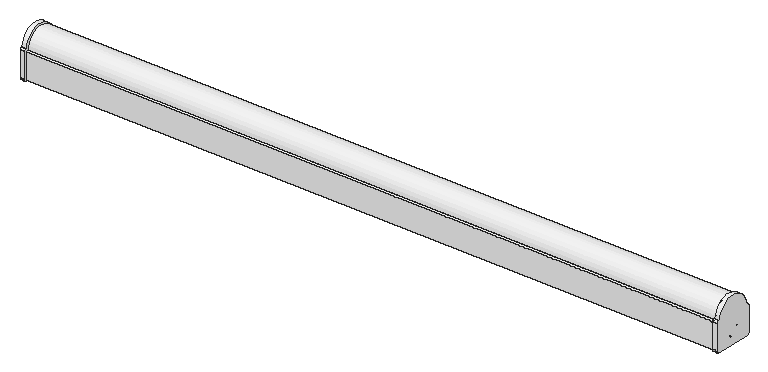
Revit family "0045178 Feilo Sylvania Lighting Fixture SYLBATTEN LED3 WW TP3", category Lighting Fixtures, host Face, Revit 2017
Family settings
  Host = Face
  Round Connector Dimension = Use Diameter
  Part Type = Normal
  OmniClass Number = 23.80.70.00
  OmniClass Title = Lighting
  Cut with Voids When Loaded = No
  Light Source = Yes
  Shared = No
  Room Calculation Point = No
Parameters (values of type "0045178 SYLBATTEN LED3 WW TP3")
  Width_FEILO = 66 mm
  Weight = "2.57 kg"
  Wattage Comments = "n/a"
  Wattage = 26 W
  WarrantyStartDate [instance] = "n/a"
  WarrantyGuarantorParts = "n/a"
  WarrantyDurationUnit = "n/a"
  WarrantyDurationParts = "n/a"
  WarrantyDescription = "n/a"
  built-in parameter 1150110 = 1 (stored number, unit not read)
  Voltage = 230 V
  URL = "http://www.sylvania-lighting.com"
  TypeName = "SYLBATTEN LED3 WW TP3"
  Type Image = <None>
  Type Comments = "n/a"
  built-in parameter 1114217 = 1 (stored number, unit not read)
  Tilt Angle = -90.00°
  built-in parameter 1150109 = 1 (stored number, unit not read)
  built-in parameter 1150134 = (empty or 0)
  SymReflector_FEILO = no
  built-in parameter 1150113 = 1 (stored number, unit not read)
  SerialNumber [instance] = "n/a"
  PowerFactor = 0
  PowerConsumption = "26 W"
  Photometric Web File = "0045178.ies"
  NominalLength = 1205 mm
  NominalHeight = 76 mm
  NominalDepth = 66 mm
  Name = "SYLBATTEN LED3 WW TP3"
  ModelReference = Name  # "SYLBATTEN LED3 WW TP3"
  ModelNumber = "0045178"
  Model = Name  # "SYLBATTEN LED3 WW TP3"
  Material_4_FEILO = Reflector-Sylvania-Sylbatten-White
  Material_3_FEILO = Diffuser-Sylvania-Sylbatten-Glow
  Material_2_FEILO = Body-Sylvania-Sylbatten-White
  Material_1_FEILO = Body-Sylvania-Sylbatten-White
  Material = "sheet steel housing, polycarbonate diffuser"
  ManufacturerName = "Feilo Sylvania"
  Manufacturer = "Feilo Sylvania"
  LuminousEfficacy = "94.07 lm/W"
  built-in parameter 1150105 = 194.63 (stored number, unit not read)
  Lumens = 2445.82 lm
  LuminaireType = ""
  built-in parameter 1150115 = 1 (stored number, unit not read)
  LightOutputRatio = "100"
  built-in parameter 1150137 = (empty or 0)
  built-in parameter 1150139 = (empty or 0)
  Length_FEILO = 1205 mm
  LampsType = Lamp  # "LED"
  LampNominalLuminous = "2446 lm"
  LampMacAdamStep = "n/a"
  LampColourTemperature = "3000 K"
  LampColourRenderingIndex = "80"
  built-in parameter 1150112 = 1 (stored number, unit not read)
  built-in parameter 1150114 = 1 (stored number, unit not read)
  Lamp = "LED"
  Keynote = "16500"
  InstallationDate [instance] = "n/a"
  InputVoltage = "220-240V~"
  InputNominalFrequency = "n/a"
  built-in parameter 1150132 = (empty or 0)
  built-in parameter 1150102 = (empty or 0)
  built-in parameter 1150107 = 3000 (stored number, unit not read)
  built-in parameter 1150138 = (empty or 0)
  IngressProtection = "IP20"
  ImpactProtectionIndex = "IK07"
  built-in parameter 1150106 = 1.9463 (stored number, unit not read)
  IfcExportType = "IfcLightFixtureType"
  IfcExportAs = "IfcLightFixtureType"
  Height_FEILO = 76 mm
  ExpectedLife = 50000
  Emit from Rectangle Width = Length_FEILO - 16 mm  # 1189 mm
  Emit from Rectangle Length = Width_FEILO - 40 mm  # 26 mm
  Emit Shape Visible in Rendering = no
  ElectricShockClassification = "Class I"
  built-in parameter 1150104 = 8.7394 (stored number, unit not read)
  DurationUnit = "hours"
  DocumentationLiterature = "http://www.sylvania-lighting.com/product/en-int/products/0045178"
  DimmingControlOptions = "n/a"
  Dimming Lamp Color Temperature Shift = <None>
  Description = "LED batten, T8 replacement, ease of installation through 2 part push-in design of the housing (safety cable included), through wiring capability (TP3 = 3 core), sheet steel, 2446LM, 26W, 94lm/W, 3000K, drive current: 350mA, CRI 80, 138° wide beam angle, electronic driver (non dimmable), IP20, IK07, 50,000 hrs (L70), (LxWxH) 1205x66x76mm, 5 step MacAdam ellipse, 3kg, white RAL 9016, Class 1, 220-240V, energy class: A++, A+, A."
  Default Elevation = 1219.2 mm
  CreatedOn = "1/25/2018"
  CreatedBy = ""
  Cost = 0
  Color Filter = 16777215
  built-in parameter 1114216 [instance] = (empty or 0)
  ClassificationValue = "EF_70_80"
  ClassificationName = "Uniclass2015"
  CapOffset_FEILO = 2 mm
  BarCode [instance] = "n/a"
  built-in parameter 1114218 = 1 (stored number, unit not read)
  BackReflector_FEILO = and(not(AsymReflector_FEILO), SymReflector_FEILO)  # no
  built-in parameter 1150133 = 10 (stored number, unit not read)
  FrontReflector_FEILO = or(AsymReflector_FEILO, SymReflector_FEILO)  # no
  AsymReflector_FEILO = no
  AssetType = "Fixed"
  AssetIdentifier [instance] = "n/a"
  Assembly Code = "D5020200"
  Apparent Load = 26 VA
Reference planes
  plane 1 "Center (Front/Back)": y = 0
  plane 2: z = 0
  plane 3 "Center (Left/Right)": x = 0
  plane 4: x = 602.5
  plane 5: x = -602.5
  plane 6: y = 33
  plane 7: y = -33
  plane 8: z = 76
  plane 9: z = 47
  plane 10: y = -29
  plane 11: y = 29
  plane 12: z = 20
  plane 13: z = 74
  plane 14: y = -31
  plane 15: y = -27
  plane 16: y = 27
  plane 17: y = 31
  plane 18: z = 2
  plane 19: x = -594.5
  plane 20: x = 594.5
  plane 21: z = 49
  plane 22: y = 1
  plane 23: y = -1
  plane 24: z = 21
  plane 25: z = 19
  plane 26: y = -61
  plane 27: y = 61
  plane 28: y = -56
  plane 29: y = 56
  plane 30: z = 91
  plane 31: z = 88
Forms (mm)
  Extrusion 1, solid, material "Body-Sylvania-Sylbatten-White" <- "Material_2_FEILO"
    sketch origin (0, 0, 0) x (0, 1, 0) y (0, 0, 1)
      loop
        line (-31, 2) -> (31, 2) -> (31, 45)
        arc (31, 45) -> (30.414, 46.414) -> (29, 47) r 2
        line (29, 47) -> (27, 47)
        arc (27, 47) -> (0, 74) -> (-27, 47) r 27
        line (-27, 47) -> (-29, 47)
        arc (-29, 47) -> (-30.414, 46.414) -> (-31, 45) r 2
        line (-31, 45) -> (-31, 2)
    from -594.5 to 594.5
  Extrusion 2, solid, material "Body-Sylvania-Sylbatten-White" <- "Material_2_FEILO"
    sketch origin (602.5, 1524, 1219.2) x (0, 1, 0) y (0, 0, 1)
      loop
        arc (-1494, -1219.2) -> (-1491.879, -1218.321) -> (-1491, -1216.2) r 3
        line (-1491, -1216.2) -> (-1491, -1173.2)
        arc (-1491, -1173.2) -> (-1491.879, -1171.079) -> (-1494, -1170.2) r 3
        line (-1494, -1170.2) -> (-1495.069, -1170.2)
        arc (-1495.069, -1170.2) -> (-1524, -1143.2) -> (-1552.931, -1170.2) r 29
        line (-1552.931, -1170.2) -> (-1554, -1170.2)
        arc (-1554, -1170.2) -> (-1556.121, -1171.079) -> (-1557, -1173.2) r 3
        line (-1557, -1173.2) -> (-1557, -1216.2)
        arc (-1557, -1216.2) -> (-1556.121, -1218.321) -> (-1554, -1219.2) r 3
        line (-1554, -1219.2) -> (-1494, -1219.2)
      loop
        arc (-1525, -1189.25) -> (-1531.071, -1192.129) -> (-1533.95, -1198.2) r 10
        line (-1533.95, -1198.2) -> (-1532.944, -1198.2)
        arc (-1532.944, -1198.2) -> (-1530.364, -1192.836) -> (-1525, -1190.256) r 9
        line (-1525, -1190.256) -> (-1525, -1189.25)
      loop
        arc (-1523, -1190.256) -> (-1517.636, -1192.836) -> (-1515.056, -1198.2) r 9
        line (-1515.056, -1198.2) -> (-1514.05, -1198.2)
        arc (-1514.05, -1198.2) -> (-1516.929, -1192.129) -> (-1523, -1189.25) r 10
        line (-1523, -1189.25) -> (-1523, -1190.256)
      loop
        line (-1532.944, -1200.2) -> (-1533.95, -1200.2)
        arc (-1533.95, -1200.2) -> (-1531.071, -1206.271) -> (-1525, -1209.15) r 10
        line (-1525, -1209.15) -> (-1525, -1208.144)
        arc (-1525, -1208.144) -> (-1530.364, -1205.564) -> (-1532.944, -1200.2) r 9
      loop
        arc (-1515.056, -1200.2) -> (-1517.636, -1205.564) -> (-1523, -1208.144) r 9
        line (-1523, -1208.144) -> (-1523, -1209.15)
        arc (-1523, -1209.15) -> (-1516.929, -1206.271) -> (-1514.05, -1200.2) r 10
        line (-1514.05, -1200.2) -> (-1515.056, -1200.2)
    from 0 to -8
  Extrusion 3, solid, material "Body-Sylvania-Sylbatten-White" <- "Material_2_FEILO"
    sketch origin (-602.5, 1524, 1219.2) x (0, 1, 0) y (0, 0, 1)
      loop
        arc (-1495.069, -1170.2) -> (-1524, -1143.2) -> (-1552.931, -1170.2) r 29
        line (-1552.931, -1170.2) -> (-1554, -1170.2)
        arc (-1554, -1170.2) -> (-1556.121, -1171.079) -> (-1557, -1173.2) r 3
        line (-1557, -1173.2) -> (-1557, -1216.2)
        arc (-1557, -1216.2) -> (-1556.121, -1218.321) -> (-1554, -1219.2) r 3
        line (-1554, -1219.2) -> (-1494, -1219.2)
        arc (-1494, -1219.2) -> (-1491.879, -1218.321) -> (-1491, -1216.2) r 3
        line (-1491, -1216.2) -> (-1491, -1173.2)
        arc (-1491, -1173.2) -> (-1491.879, -1171.079) -> (-1494, -1170.2) r 3
        line (-1494, -1170.2) -> (-1495.069, -1170.2)
      loop
        line (-1533.95, -1198.2) -> (-1532.944, -1198.2)
        arc (-1532.944, -1198.2) -> (-1530.364, -1192.836) -> (-1525, -1190.256) r 9
        line (-1525, -1190.256) -> (-1525, -1189.25)
        arc (-1525, -1189.25) -> (-1531.071, -1192.129) -> (-1533.95, -1198.2) r 10
      loop
        line (-1523, -1189.25) -> (-1523, -1190.256)
        arc (-1523, -1190.256) -> (-1517.636, -1192.836) -> (-1515.056, -1198.2) r 9
        line (-1515.056, -1198.2) -> (-1514.05, -1198.2)
        arc (-1514.05, -1198.2) -> (-1516.929, -1192.129) -> (-1523, -1189.25) r 10
      loop
        line (-1514.05, -1200.2) -> (-1515.056, -1200.2)
        arc (-1515.056, -1200.2) -> (-1517.636, -1205.564) -> (-1523, -1208.144) r 9
        line (-1523, -1208.144) -> (-1523, -1209.15)
        arc (-1523, -1209.15) -> (-1516.929, -1206.271) -> (-1514.05, -1200.2) r 10
      loop
        line (-1525, -1209.15) -> (-1525, -1208.144)
        arc (-1525, -1208.144) -> (-1530.364, -1205.564) -> (-1532.944, -1200.2) r 9
        line (-1532.944, -1200.2) -> (-1533.95, -1200.2)
        arc (-1533.95, -1200.2) -> (-1531.071, -1206.271) -> (-1525, -1209.15) r 10
    from 0 to 8
  Extrusion 4, solid, material "Reflector-Sylvania-Sylbatten-White" <- "Material_4_FEILO", visible <- "FrontReflector_FEILO"
    sketch origin (0, 0, 0) x (0, 1, 0) y (0, 0, 1)
      loop
        line (-61.257, 88.429) -> (-60.743, 87.571) -> (-56.621, 90.044)
        arc (-56.621, 90.044) -> (-56.237, 90.099) -> (-55.929, 89.863) r 0.5
        line (-55.929, 89.863) -> (-31.435, 46.753) -> (-30.565, 47.247) -> (-55.312, 90.802)
        arc (-55.312, 90.802) -> (-55.928, 91.275) -> (-56.696, 91.165) r 1
        line (-56.696, 91.165) -> (-61.257, 88.429)
    from -594.5 to 594.5
  Extrusion 5, solid, material "Reflector-Sylvania-Sylbatten-White" <- "Material_4_FEILO", visible <- "BackReflector_FEILO"
    sketch origin (0, 0, 0) x (0, 1, 0) y (0, 0, 1)
      loop
        line (30.565, 47.247) -> (31.435, 46.753) -> (55.932, 89.868)
        arc (55.932, 89.868) -> (56.245, 90.112) -> (56.638, 90.062) r 0.518
        line (56.638, 90.062) -> (61.033, 87.565) -> (61.527, 88.435) -> (56.682, 91.188)
        arc (56.682, 91.188) -> (55.922, 91.282) -> (55.318, 90.812) r 1
        line (55.318, 90.812) -> (30.565, 47.247)
    from -594.5 to 594.5
Lines and regions (mm)
  reference lines
    curve 1: line (0, -61, 88) -> (0, -56, 91)
    curve 2: line (0, -56, 91) -> (0, -31, 47)
    curve 3: line (0, 31, 47) -> (0, 56, 91)
    curve 4: line (0, 56, 91) -> (0, 61.28, 88)
Dimensions and locks
  equal spacing: plane 5, plane 3 "Center (Left/Right)", plane 4
  equal spacing: plane 7, plane 1 "Center (Front/Back)", plane 6
  "Width_FEILO": plane 7 to plane 6
  "Length_FEILO": plane 5 to plane 4
  "Height_FEILO": plane 8 to plane 2
  locked: plane 9 to plane 8 at 29
  equal spacing: plane 10, plane 1 "Center (Front/Back)", plane 11
  locked: plane 7 to plane 10 at 4
  locked: plane 12 to plane 2 at 20
  "CapOffset_FEILO": plane 13 to plane 8
  "CapOffset_FEILO": plane 7 to plane 14
  "CapOffset_FEILO": plane 10 to plane 15
  "CapOffset_FEILO": plane 17 to plane 6
  "CapOffset_FEILO": plane 16 to plane 11
  "CapOffset_FEILO": plane 18 to plane 2
  locked: plane 14 to Extrusion 1 sketch curve at 2
  locked: Extrusion 1 sketch curve to plane 9 at 2  (x2)
  locked: plane 16 to Extrusion 1 sketch curve at 2
  equal spacing: plane 19, plane 3 "Center (Left/Right)", plane 20
  locked: plane 5 to plane 19 at 8
  "CapOffset_FEILO": plane 9 to plane 21
  locked: Extrusion 2 sketch curve to plane 2 at 47
  locked: Extrusion 1 sketch curve to plane 2 at 47
  locked: Extrusion 2 sketch curve to plane 2 at 3  (x2)
  locked: plane 7 to Extrusion 2 sketch curve at 3  (x2)
  locked: Extrusion 2 sketch curve to plane 6 at 3  (x2)
  locked: Extrusion 2 sketch curve to plane 21 at 3  (x2)
  equal spacing: plane 23, plane 1 "Center (Front/Back)", plane 22
  equal spacing: plane 25, plane 12, plane 24
  plane 30 to plane 31 to plane 2 = 3 mm locked, 88 mm locked
  plane 28 to plane 29 = 112 mm
  plane 26 to plane 27 = 122 mm
  aligned and locked: plane 2 to host face
  aligned and locked: level to host face
  aligned and locked: plane 18 to Extrusion 1 sketch curve
  aligned and locked: plane 14 to Extrusion 1 sketch curve
  aligned and locked: Extrusion 1 sketch curve to plane 9  (x2)
  aligned and locked: Extrusion 1 sketch curve to plane 17
  aligned and locked: plane 15 to Extrusion 1 sketch curve
  aligned and locked: plane 16 to Extrusion 1 sketch curve
  aligned and locked: plane 9 to Extrusion 1 sketch curve
  aligned and locked: plane 20 to Extrusion 1
  aligned and locked: level to Extrusion 2 sketch curve
  aligned and locked: Extrusion 2 sketch curve to plane 7
  aligned and locked: plane 21 to Extrusion 2 sketch curve
  aligned and locked: Extrusion 2 sketch curve to plane 21
  aligned and locked: plane 1 "Center (Front/Back)" to Extrusion 2 sketch curve  (x3)
  aligned and locked: Extrusion 2 to Extrusion 1
  aligned and locked: plane 4 to Extrusion 2
  aligned and locked: plane 12 to Extrusion 2 sketch curve  (x2)
  aligned and locked: Extrusion 2 sketch curve to plane 22
  aligned and locked: Extrusion 2 sketch curve to plane 23
  aligned and locked: Extrusion 2 sketch curve to plane 24
  aligned and locked: Extrusion 2 sketch curve to plane 25
  aligned and locked: plane 25 to Extrusion 2 sketch curve
  aligned and locked: plane 22 to Extrusion 2 sketch curve
  aligned and locked: plane 24 to Extrusion 2 sketch curve
  aligned and locked: plane 23 to Extrusion 2 sketch curve  (x2)
  aligned and locked: Extrusion 3 sketch curve to Extrusion 2  (x22)
  aligned and locked: Extrusion 3 to Extrusion 1
  aligned and locked: Extrusion 3 to plane 5
  aligned and locked: plane 19 to Extrusion 3
  aligned and locked: plane 31 to curve 1
  aligned and locked: plane 30 to curve 1
  aligned and locked: plane 14 to curve 2
  aligned and locked: plane 9 to curve 2
  aligned and locked: plane 17 to curve 3
  aligned and locked: plane 30 to curve 3
  aligned and locked: plane 31 to curve 4
  aligned and locked: Extrusion 4 sketch curve to curve 2
  aligned and locked: Extrusion 4 sketch curve to curve 1
  aligned and locked: Extrusion 4 to Extrusion 1
  aligned and locked: Extrusion 1 to Extrusion 4
  aligned and locked: imposter light to plane 1 "Center (Front/Back)"
  aligned and locked: imposter light to plane 3 "Center (Left/Right)"
  aligned and locked: imposter light to plane 13
  aligned and locked: Extrusion 5 sketch curve to curve 4
  aligned and locked: Extrusion 5 sketch curve to curve 3
  aligned and locked: Extrusion 1 to Extrusion 5
  aligned and locked: Extrusion 5 to Extrusion 1
Automatic sketch dimensions
  host sketch curve to host sketch curve = 2438.4 mm  (x2)
  Extrusion 2 sketch curve to Extrusion 2 sketch curve = 0 mm  (x14)
  Extrusion 2 sketch curve to plane 10 = 0.069 mm
  plane 23 to Extrusion 2 sketch curve = 8.95 mm
  Extrusion 2 sketch curve to Extrusion 2 sketch curve = 1.006 mm  (x4)
  Extrusion 2 sketch curve to plane 22 = 7.944 mm
  curve 1 to plane 26 = 0 mm
  curve 2 to plane 28 = 0 mm
  curve 4 to plane 29 = 0 mm
  plane 9 to curve 3 = 0 mm
  plane 26 to Extrusion 4 sketch curve = 0.257 mm
  Extrusion 4 sketch curve to plane 26 = 0.257 mm
  Extrusion 4 sketch curve to plane 30 = 0.165 mm
  plane 28 to Extrusion 4 sketch curve = 0.696 mm
  plane 28 to Extrusion 4 sketch curve = 0.621 mm
  plane 28 to Extrusion 4 sketch curve = 0.364 mm
  plane 28 to Extrusion 4 sketch curve = 0.182 mm
  Extrusion 4 sketch curve to plane 28 = 0.071 mm
  plane 30 to Extrusion 4 sketch curve = 0.198 mm
  Extrusion 4 sketch curve to plane 28 = 0.688 mm
  plane 9 to Extrusion 4 sketch curve = 0.247 mm
  plane 1 "Center (Front/Back)" to Extrusion 4 sketch curve = 31.435 mm
  Extrusion 5 sketch curve to plane 9 = 0.247 mm
  Extrusion 5 sketch curve to plane 1 "Center (Front/Back)" = 30.565 mm
  plane 9 to Extrusion 5 sketch curve = 0.247 mm
  plane 30 to Extrusion 5 sketch curve = 0.188 mm
  plane 29 to Extrusion 5 sketch curve = 0.068 mm
  Extrusion 5 sketch curve to plane 29 = 0.188 mm
  Extrusion 5 sketch curve to plane 29 = 0.382 mm
  Extrusion 5 sketch curve to Extrusion 5 sketch curve = 0.256 mm
  Extrusion 5 sketch curve to plane 30 = 0.188 mm
  Extrusion 5 sketch curve to plane 29 = 0.682 mm
  Extrusion 5 sketch curve to plane 27 = 0.033 mm
  Extrusion 5 sketch curve to plane 27 = 0.527 mm
Connectors
  electrical at (0, 0, 0), driven by "Apparent Load", driven by "PowerFactor", driven by "Voltage"
    settings: index 1, voltage 230 V, apparent load 26 VA, apparent load phase1 0 VA, apparent load phase2 0 VA, apparent load phase3 0 VA, power factor 0, load classification "Lighting", number of poles 1, system type 30, power factor state 1, is connector primary yes, connector utility no, sub classification motor no, connector description ""
